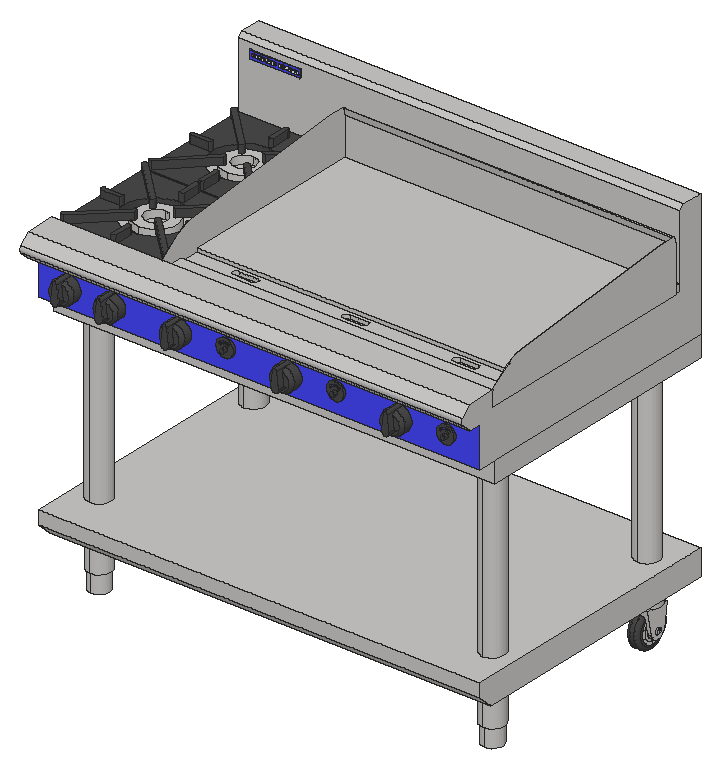
Revit family "QF_MOFFAT_BLUESEAL_CE_G518A-LS", category Specialty Equipment, Revit 2012
Parameters
  Width = 1200 mm
  Weight in Pounds = 347  # constant formula
  URL Cutsheet = "www.moffat.com"
  URL = "www.moffat.com"
  Type Mark [instance] = ""
  Status [instance] = ""
  Specification by User [instance] = ""
  Specification by Manufacturer = ""
  Show Logo [instance] = yes
  Show Casters [instance] = yes
  Serial Number = ""
  Seismic Rating = ""
  SMACNA No = ""
  Revision Code [instance] = ""
  Omniclass Number and Title = ""
  NAFEM Spec ID Number = ""
  Model = "G518A-LS"
  Mechanical Remarks = ""
  Mechanical Connection Type = ""
  Masterspec = ""
  Manufacturer = "MOFFAT BLUESEAL"
  Legs [instance] = not(Show Casters)  # no
  Item Number [instance] = ""
  Installed By [instance] = ""
  Identify Quantity as Lot [instance] = yes
  Gas Size = 3/4"
  Gas RI Height = 0 mm
  Gas KW = 32
  Gas Input = 81500.0 Btu/h
  Gas Connection Height = 0 mm
  Furnished By [instance] = ""
  Foodservice Equipment Identifier [instance] = yes
  Description = "1200MM GAS COOK TOP ON LEG STAND"
  Depth = 812 mm
  CSI MasterFormat = ""
  CSI Master Format = ""
  Base Height [instance] = 150 mm
Reference planes
  plane 1 "BACK": y = 0
  plane 2: z = 0
  plane 3 "LEFT": x = 0
  plane 4 "RIGHT": x = 1200
  plane 5 "FRONT": y = -812
  plane 6 "TOP": z = 970
  plane 7 "Center Y": x = 600
  plane 8 "Center X": y = -406
  plane 9 "Base Height": z = 150
  plane 10: z = 915
  plane 11: x = 1070
  plane 12: z = 1085
  plane 13: x = 65.354
  plane 14: y = -625
  plane 15: y = -100
  plane 16: z = 655
  plane 17: x = 1134.646
Forms (mm)
  Extrusion 1, solid, material "QF_Finishes_Stainless Steel"
    sketch origin (0, 0, 0) x (0, 1, 0) y (0, 0, 1)
      loop
        line (-749, 850) -> (-749, 740) -> (0, 740) -> (0, 1085) -> (-57.5, 1085) -> (-70, 1072.5) -> (-70, 875) -> (-705, 875) -> (-705, 915) -> (-783.97, 915) -> (-808.485, 890.485)
        arc (-808.485, 890.485) -> (-811.999, 882) -> (-808.485, 873.515) r 12
        line (-808.485, 873.515) -> (-784.97, 850) -> (-749, 850)
      loop
        line (0, 685) -> (0, 739.5) -> (-699, 739.5) -> (-699, 685) -> (0, 685)
      loop
        line (0, 222.5) -> (-749, 222.5) -> (-749, 186) -> (-713, 150) -> (0, 150) -> (0, 222.5)
    from 0 to 1200
  Revolve 2, solid, material "QF_Finishes_Black"
    sketch origin (90, 7, 600) x (0, 1, 0) y (0, 0, -1)
      loop
        line (-789, -229.5) -> (-766, -229.5) -> (-766, -202) -> (-756, -202) -> (-756, -197) -> (-800, -197) -> (-800, -223.651) -> (-789, -229.5)
      axis (-800, -197) -> (-756, -197)
    angle from 0 to 360
  Extrusion 3, solid, material "QF_Finishes_Black"
    sketch origin (90, -759, 797) x (0, 0, 1) y (1, 0, 0)
      loop
        arc (32.192, -4.965) -> (37.079, 0.034) -> (32.192, 5.033) r 5
        line (32.192, 5.033) -> (-10.726, 10.453)
        arc (-10.726, 10.453) -> (-22.392, 0.618) -> (-11.893, -10.454) r 10.487
        line (-11.893, -10.454) -> (32.192, -4.965)
    from 0 to -49
  Extrusion 4, solid, material "QF_Finishes_Stainless Steel"
    sketch origin (0, 0, 222.5) x (0, -1, 0) y (1, 0, 0)
      loop
        circle (100, 65) r 31.75
      loop
        circle (625, 65) r 31.75
      loop
        circle (100, 1135) r 31.75
      loop
        circle (625, 1135) r 31.75
    from 0 to 462.5
  Revolve 5, solid, material "QF_Finishes_Stainless Steel", visible <- "Legs"
    sketch origin (65.5, -166, 0) x (0, 1, 0) y (0, 0, 1)
      loop
        line (34.25, 150) -> (34.25, 50) -> (38.5, 50) -> (38.5, 0) -> (66, 0) -> (66, 150) -> (34.25, 150)
      axis (66, 150) -> (66, 0)
    angle from 0 to 360
  Revolve 6, solid, material "QF_Finishes_Stainless Steel"
    sketch origin (65.5, -735, 0) x (0, 1, 0) y (0, 0, 1)
      loop
        line (78.25, 150) -> (78.25, 50) -> (82.5, 50) -> (82.5, 0) -> (110, 0) -> (110, 150) -> (78.25, 150)
      axis (110, 150) -> (110, 0)
    angle from 0 to 360
  Revolve 7, solid, material "QF_Finishes_Stainless Steel", visible <- "Show Casters"
    sketch origin (16.276, -100.755, -12.8) x (1, 0, 0) y (0, 0, 1)
      loop
        line (14.841, 63.604) -> (83.584, 63.604) -> (83.584, 67.109) -> (82.314, 68.379) -> (80.79, 68.379) -> (80.79, 71.826) -> (68.644, 71.826) -> (68.644, 81.79) -> (65.088, 83.843) -> (63.738, 92.179) -> (65.881, 92.179) -> (65.881, 98.529) -> (65.088, 98.529) -> (65.088, 104.879)
        arc (65.088, 104.879) -> (62.298, 111.614) -> (55.563, 114.404) r 9.525
        line (55.563, 114.404) -> (42.863, 114.404)
        arc (42.863, 114.404) -> (36.127, 111.614) -> (33.338, 104.879) r 9.525
        line (33.338, 104.879) -> (33.338, 98.529) -> (32.544, 98.529) -> (32.544, 92.179) -> (34.687, 92.179) -> (33.352, 83.932) -> (29.782, 81.871) -> (29.782, 71.826) -> (17.635, 71.826) -> (17.635, 68.379) -> (16.111, 68.379) -> (14.841, 67.109) -> (14.841, 63.604)
      axis (14.841, 63.604) -> (83.584, 63.604)
    angle from 0 to 360
  Extrusion 8, solid, material "QF_Finishes_Stainless Steel", visible <- "Show Casters"
    sketch origin (72.001, 132.353, -8.783) x (0, 1, 0) y (0, 0, 1)
      loop
        line (-200.603, 118.783) -> (-264.103, 118.783) -> (-251.746, 53.895)
        arc (-251.746, 53.895) -> (-232.353, 38.783) -> (-212.959, 53.895) r 20
        line (-212.959, 53.895) -> (-200.603, 118.783)
    from -35.667 to 22.923
  Revolve 9, solid, material "QF_Finishes_Stainless Steel", visible <- "Show Casters"
    sketch origin (65.5, -204, 0) x (0, 1, 0) y (0, 0, 1)
      loop
        line (68.25, 150) -> (68.25, 110) -> (104, 110) -> (104, 150) -> (68.25, 150)
      axis (104, 150) -> (104, 110)
    angle from 0 to 360
  Revolve 10, solid, material "QF_Finishes_Stainless Steel", visible <- "Legs"
    sketch origin (65.5, -166, 0) x (0, 1, 0) y (0, 0, 1)
      loop
        line (34.25, 150) -> (34.25, 50) -> (38.5, 50) -> (38.5, 0) -> (66, 0) -> (66, 150) -> (34.25, 150)
      axis (66, 150) -> (66, 0)
    angle from 0 to 360
  Extrusion 11, solid, material "QF_Finishes_Stainless Steel"
    sketch origin (0, 0, 685) x (-1, 0, 0) y (0, 1, 0)
      loop
        circle (-1070, -32) r 6.35
    from 0 to 30
  Revolve 12, solid, material "QF_Finishes_Black"
    sketch origin (390, 7, 600) x (0, 1, 0) y (0, 0, -1)
      loop
        line (-789, -229.5) -> (-766, -229.5) -> (-766, -202) -> (-756, -202) -> (-756, -197) -> (-800, -197) -> (-800, -223.651) -> (-789, -229.5)
      axis (-800, -197) -> (-756, -197)
    angle from 0 to 360
  Extrusion 13, solid, material "QF_Finishes_Black"
    sketch origin (390, -759, 797) x (0, 0, 1) y (1, 0, 0)
      loop
        arc (32.192, -4.965) -> (37.079, 0.034) -> (32.192, 5.033) r 5
        line (32.192, 5.033) -> (-10.726, 10.453)
        arc (-10.726, 10.453) -> (-22.392, 0.618) -> (-11.893, -10.454) r 10.487
        line (-11.893, -10.454) -> (32.192, -4.965)
    from 0 to -49
  Revolve 14, solid, material "QF_Finishes_Black"
    sketch origin (690, 7, 600) x (0, 1, 0) y (0, 0, -1)
      loop
        line (-789, -229.5) -> (-766, -229.5) -> (-766, -202) -> (-756, -202) -> (-756, -197) -> (-800, -197) -> (-800, -223.651) -> (-789, -229.5)
      axis (-800, -197) -> (-756, -197)
    angle from 0 to 360
  Extrusion 15, solid, material "QF_Finishes_Black"
    sketch origin (690, -759, 797) x (0, 0, 1) y (1, 0, 0)
      loop
        arc (32.192, -4.965) -> (37.079, 0.034) -> (32.192, 5.033) r 5
        line (32.192, 5.033) -> (-10.726, 10.453)
        arc (-10.726, 10.453) -> (-22.392, 0.618) -> (-11.893, -10.454) r 10.487
        line (-11.893, -10.454) -> (32.192, -4.965)
    from 0 to -49
  Revolve 16, solid, material "QF_Finishes_Black"
    sketch origin (210, 7, 600) x (0, 1, 0) y (0, 0, -1)
      loop
        line (-789, -229.5) -> (-766, -229.5) -> (-766, -202) -> (-756, -202) -> (-756, -197) -> (-800, -197) -> (-800, -223.651) -> (-789, -229.5)
      axis (-800, -197) -> (-756, -197)
    angle from 0 to 360
  Extrusion 17, solid, material "QF_Finishes_Black"
    sketch origin (210, -759, 797) x (0, 0, 1) y (1, 0, 0)
      loop
        arc (32.192, -4.965) -> (37.079, 0.034) -> (32.192, 5.033) r 5
        line (32.192, 5.033) -> (-10.726, 10.453)
        arc (-10.726, 10.453) -> (-22.392, 0.618) -> (-11.893, -10.454) r 10.487
        line (-11.893, -10.454) -> (32.192, -4.965)
    from 0 to -49
  Revolve 18, solid, material "QF_Finishes_Stainless Steel", visible <- "Legs"
    sketch origin (1134.5, -166, 0) x (0, 1, 0) y (0, 0, -1)
      loop
        line (34.25, -150) -> (66, -150) -> (66, 0) -> (38.5, 0) -> (38.5, -50) -> (34.25, -50) -> (34.25, -150)
      axis (66, -150) -> (66, 0)
    angle from 0 to 360
  Revolve 19, solid, material "QF_Finishes_Stainless Steel"
    sketch origin (1134.5, -735, 0) x (0, 1, 0) y (0, 0, -1)
      loop
        line (78.25, -150) -> (110, -150) -> (110, 0) -> (82.5, 0) -> (82.5, -50) -> (78.25, -50) -> (78.25, -150)
      axis (110, -150) -> (110, 0)
    angle from 0 to 360
  Revolve 20, solid, material "QF_Finishes_Stainless Steel", visible <- "Show Casters"
    sketch origin (1183.724, -100.755, -12.8) x (-1, 0, 0) y (0, 0, -1)
      loop
        line (14.841, -63.604) -> (14.841, -67.109) -> (16.111, -68.379) -> (17.635, -68.379) -> (17.635, -71.826) -> (29.782, -71.826) -> (29.782, -81.871) -> (33.352, -83.932) -> (34.687, -92.179) -> (32.544, -92.179) -> (32.544, -98.529) -> (33.338, -98.529) -> (33.338, -104.879)
        arc (33.338, -104.879) -> (36.127, -111.614) -> (42.863, -114.404) r 9.525
        line (42.863, -114.404) -> (55.563, -114.404)
        arc (55.563, -114.404) -> (62.298, -111.614) -> (65.088, -104.879) r 9.525
        line (65.088, -104.879) -> (65.088, -98.529) -> (65.881, -98.529) -> (65.881, -92.179) -> (63.738, -92.179) -> (65.088, -83.843) -> (68.644, -81.79) -> (68.644, -71.826) -> (80.79, -71.826) -> (80.79, -68.379) -> (82.314, -68.379) -> (83.584, -67.109) -> (83.584, -63.604) -> (14.841, -63.604)
      axis (14.841, -63.604) -> (83.584, -63.604)
    angle from 0 to 360
  Extrusion 21, solid, material "QF_Finishes_Stainless Steel", visible <- "Show Casters"
    sketch origin (1127.999, 132.353, -8.783) x (0, 1, 0) y (0, 0, -1)
      loop
        line (-200.603, -118.783) -> (-212.959, -53.895)
        arc (-212.959, -53.895) -> (-232.353, -38.783) -> (-251.746, -53.895) r 20
        line (-251.746, -53.895) -> (-264.103, -118.783) -> (-200.603, -118.783)
    from -35.667 to 22.923
  Revolve 22, solid, material "QF_Finishes_Stainless Steel", visible <- "Show Casters"
    sketch origin (1134.5, -204, 0) x (0, 1, 0) y (0, 0, -1)
      loop
        line (68.25, -150) -> (104, -150) -> (104, -110) -> (68.25, -110) -> (68.25, -150)
      axis (104, -150) -> (104, -110)
    angle from 0 to 360
  Revolve 23, solid, material "QF_Finishes_Stainless Steel", visible <- "Legs"
    sketch origin (1134.5, -166, 0) x (0, 1, 0) y (0, 0, -1)
      loop
        line (34.25, -150) -> (66, -150) -> (66, 0) -> (38.5, 0) -> (38.5, -50) -> (34.25, -50) -> (34.25, -150)
      axis (66, -150) -> (66, 0)
    angle from 0 to 360
  Revolve 24, solid, material "QF_Finishes_Black"
    sketch origin (990, 7, 600) x (0, 1, 0) y (0, 0, -1)
      loop
        line (-789, -229.5) -> (-766, -229.5) -> (-766, -202) -> (-756, -202) -> (-756, -197) -> (-800, -197) -> (-800, -223.651) -> (-789, -229.5)
      axis (-800, -197) -> (-756, -197)
    angle from 0 to 360
  Extrusion 25, solid, material "QF_Finishes_Black"
    sketch origin (990, -759, 797) x (0, 0, 1) y (1, 0, 0)
      loop
        arc (32.192, -4.965) -> (37.079, 0.034) -> (32.192, 5.033) r 5
        line (32.192, 5.033) -> (-10.726, 10.453)
        arc (-10.726, 10.453) -> (-22.392, 0.618) -> (-11.893, -10.454) r 10.487
        line (-11.893, -10.454) -> (32.192, -4.965)
    from 0 to -49
  Extrusion 26, solid, material "QF_Finishes_Black"
    sketch origin (0, -749, 850) x (0, 0, -1) y (1, 0, 0)
      loop
        circle (53, 810) r 23.9
      loop
        circle (53, 510) r 23.9
      loop
        arc (45.641, 518.419) -> (46.501, 523.219) -> (41.701, 524.079) r 3.448
        arc (41.701, 524.079) -> (35.116, 509.341) -> (42.919, 495.209) r 18.095
        arc (42.919, 495.209) -> (47.641, 496.491) -> (46.326, 501.204) r 3.448
        arc (46.326, 501.204) -> (42.758, 509.683) -> (45.641, 518.419) r 13.109
      loop
        arc (45.641, 818.419) -> (46.501, 823.219) -> (41.701, 824.079) r 3.448
        arc (41.701, 824.079) -> (35.116, 809.341) -> (42.919, 795.209) r 18.095
        arc (42.919, 795.209) -> (47.641, 796.491) -> (46.326, 801.204) r 3.448
        arc (46.326, 801.204) -> (42.758, 809.683) -> (45.641, 818.419) r 13.109
      loop
        circle (53, 1110) r 23.9
      loop
        arc (45.641, 1118.419) -> (46.501, 1123.219) -> (41.701, 1124.079) r 3.448
        arc (41.701, 1124.079) -> (35.116, 1109.341) -> (42.919, 1095.209) r 18.095
        arc (42.919, 1095.209) -> (47.641, 1096.491) -> (46.326, 1101.204) r 3.448
        arc (46.326, 1101.204) -> (42.758, 1109.683) -> (45.641, 1118.419) r 13.109
    from 0 to 5
  Extrusion 27, solid, material "QF_Finishes_Black"
    sketch origin (0, -754, 850) x (0, 0, -1) y (1, 0, 0)
      loop
        circle (56.5, 810) r 5.75
      loop
        circle (56.5, 510) r 5.75
      loop
        circle (56.5, 1110) r 5.75
    from 0 to 10
Lines and regions (mm)
  Split face 1
    outline origin (0, -56.5, 1085) x (0, 1, 0) y (-1, 0, 0)
      loop
        line (11.115, -638.041) -> (11.115, -866)
        arc (11.115, -866) -> (16.115, -874.66) -> (26.115, -874.66) r 10
        line (26.115, -874.66) -> (33.115, -870.619)
        arc (33.115, -870.619) -> (36.775, -866.959) -> (38.115, -861.959) r 10
        line (38.115, -861.959) -> (38.115, -634)
        arc (38.115, -634) -> (33.115, -625.34) -> (23.115, -625.34) r 10
        line (23.115, -625.34) -> (16.115, -629.381)
        arc (16.115, -629.381) -> (12.455, -633.041) -> (11.115, -638.041) r 10
  Split face 2
    outline origin (0, -56.5, 1085) x (0, 1, 0) y (-1, 0, 0)
      loop
        line (38.115, -1151.959) -> (38.115, -924)
        arc (38.115, -924) -> (33.115, -915.34) -> (23.115, -915.34) r 10
        line (23.115, -915.34) -> (16.115, -919.381)
        arc (16.115, -919.381) -> (12.455, -923.041) -> (11.115, -928.041) r 10
        line (11.115, -928.041) -> (11.115, -1156)
        arc (11.115, -1156) -> (16.115, -1164.66) -> (26.115, -1164.66) r 10
        line (26.115, -1164.66) -> (33.115, -1160.619)
        arc (33.115, -1160.619) -> (36.775, -1156.959) -> (38.115, -1151.959) r 10
  Split face 3
    outline origin (0, -56.5, 1085) x (0, 1, 0) y (-1, 0, 0)
      loop
        line (11.115, -48.041) -> (11.115, -276)
        arc (11.115, -276) -> (16.115, -284.66) -> (26.115, -284.66) r 10
        line (26.115, -284.66) -> (33.115, -280.619)
        arc (33.115, -280.619) -> (36.775, -276.959) -> (38.115, -271.959) r 10
        line (38.115, -271.959) -> (38.115, -44)
        arc (38.115, -44) -> (33.115, -35.34) -> (23.115, -35.34) r 10
        line (23.115, -35.34) -> (16.115, -39.381)
        arc (16.115, -39.381) -> (12.455, -43.041) -> (11.115, -48.041) r 10
  Split face 4
    outline origin (0, -56.5, 1085) x (0, 1, 0) y (-1, 0, 0)
      loop
        arc (38.115, -344) -> (33.115, -335.34) -> (23.115, -335.34) r 10
        line (23.115, -335.34) -> (16.115, -339.381)
        arc (16.115, -339.381) -> (12.455, -343.041) -> (11.115, -348.041) r 10
        line (11.115, -348.041) -> (11.115, -576)
        arc (11.115, -576) -> (16.115, -584.66) -> (26.115, -584.66) r 10
        line (26.115, -584.66) -> (33.115, -580.619)
        arc (33.115, -580.619) -> (36.775, -576.959) -> (38.115, -571.959) r 10
        line (38.115, -571.959) -> (38.115, -344)
  symbolic lines, style "SpecialityEquipmentHiddenLines", visible <- "Show Casters"
    curve 1: line (78.456, -46.735, 0) -> (105.952, -62.61, 0)
    curve 2: line (27.656, -134.723, 0) -> (78.456, -46.735, 0)
    curve 3: line (55.152, -150.598, 0) -> (27.656, -134.723, 0)
    curve 4: line (105.952, -62.61, 0) -> (55.152, -150.598, 0)
    curve 5: line (1148.456, -46.735, 0) -> (1175.952, -62.61, 0)
    curve 6: line (1097.656, -134.723, 0) -> (1148.456, -46.735, 0)
    curve 7: line (1125.152, -150.598, 0) -> (1097.656, -134.723, 0)
    curve 8: line (1175.952, -62.61, 0) -> (1125.152, -150.598, 0)
  symbolic lines
    curve 9: line (0, -783.97, 0) -> (1200, -783.97, 0)
    curve 10: line (0, 0, 0) -> (0, -811.999, 0)
    curve 11: line (1200, -811.999, 0) -> (1200, 0, 0)
    curve 12: line (1200, -811.999, 0) -> (0, -811.999, 0)
    curve 13: line (0, -70, 0) -> (1200, -70, 0)
    curve 14: line (0, -57.5, 0) -> (1200, -57.5, 0)
    curve 15: line (1200, 0, 0) -> (0, 0, 0)
    curve 16: line (271.959, -18.385, 0) -> (44, -18.385, 0)
    curve 17: arc (44, -18.385, 0) -> (35.34, -23.385, 0) -> (35.34, -33.385, 0) r 10
    curve 18: line (35.34, -33.385, 0) -> (39.381, -40.385, 0)
    curve 19: arc (39.381, -40.385, 0) -> (43.041, -44.045, 0) -> (48.041, -45.385, 0) r 10
    curve 20: line (48.041, -45.385, 0) -> (276, -45.385, 0)
    curve 21: arc (276, -45.385, 0) -> (284.66, -40.385, 0) -> (284.66, -30.385, 0) r 10
    curve 22: line (284.66, -30.385, 0) -> (280.619, -23.385, 0)
    curve 23: arc (280.619, -23.385, 0) -> (276.959, -19.725, 0) -> (271.959, -18.385, 0) r 10
    curve 24: line (0, -705, 0) -> (1200, -705, 0)
    curve 25: line (571.959, -18.385, 0) -> (344, -18.385, 0)
    curve 26: arc (344, -18.385, 0) -> (335.34, -23.385, 0) -> (335.34, -33.385, 0) r 10
    curve 27: line (335.34, -33.385, 0) -> (339.381, -40.385, 0)
    curve 28: arc (339.381, -40.385, 0) -> (343.041, -44.045, 0) -> (348.041, -45.385, 0) r 10
    curve 29: line (348.041, -45.385, 0) -> (576, -45.385, 0)
    curve 30: arc (576, -45.385, 0) -> (584.66, -40.385, 0) -> (584.66, -30.385, 0) r 10
    curve 31: line (584.66, -30.385, 0) -> (580.619, -23.385, 0)
    curve 32: arc (580.619, -23.385, 0) -> (576.959, -19.725, 0) -> (571.959, -18.385, 0) r 10
    curve 33: line (861.959, -18.385, 0) -> (634, -18.385, 0)
    curve 34: arc (634, -18.385, 0) -> (625.34, -23.385, 0) -> (625.34, -33.385, 0) r 10
    curve 35: line (625.34, -33.385, 0) -> (629.381, -40.385, 0)
    curve 36: arc (629.381, -40.385, 0) -> (633.041, -44.045, 0) -> (638.041, -45.385, 0) r 10
    curve 37: line (638.041, -45.385, 0) -> (866, -45.385, 0)
    curve 38: arc (866, -45.385, 0) -> (874.66, -40.385, 0) -> (874.66, -30.385, 0) r 10
    curve 39: line (874.66, -30.385, 0) -> (870.619, -23.385, 0)
    curve 40: arc (870.619, -23.385, 0) -> (866.959, -19.725, 0) -> (861.959, -18.385, 0) r 10
    curve 41: line (924, -18.385, 0) -> (1151.959, -18.385, 0)
    curve 42: arc (1151.959, -18.385, 0) -> (1156.959, -19.725, 0) -> (1160.619, -23.385, 0) r 10
    curve 43: line (1160.619, -23.385, 0) -> (1164.66, -30.385, 0)
    curve 44: arc (1164.66, -30.385, 0) -> (1164.66, -40.385, 0) -> (1156, -45.385, 0) r 10
    curve 45: line (1156, -45.385, 0) -> (928.041, -45.385, 0)
    curve 46: arc (928.041, -45.385, 0) -> (923.041, -44.045, 0) -> (919.381, -40.385, 0) r 10
    curve 47: line (919.381, -40.385, 0) -> (915.34, -33.385, 0)
    curve 48: arc (915.34, -33.385, 0) -> (915.34, -23.385, 0) -> (924, -18.385, 0) r 10
Dimensions and locks
  equal spacing: plane 3 "LEFT", plane 7 "Center Y", plane 4 "RIGHT"
  "Width": plane 3 "LEFT" to plane 4 "RIGHT"
  equal spacing: plane 5 "FRONT", plane 8 "Center X", plane 1 "BACK"
  "Depth": plane 5 "FRONT" to plane 1 "BACK"
  equal spacing: plane 4 "RIGHT", plane 7 "Center Y", plane 3 "LEFT"
  plane 4 "RIGHT" to plane 3 "LEFT" = 1200 mm
  plane 5 "FRONT" to plane 1 "BACK" = 812 mm
  "Base Height": plane 9 "Base Height" to level
  plane 6 "TOP" to level = 970 mm
  plane 10 to level = 915 mm
  plane 11 to plane 4 "RIGHT" = 130 mm
  plane 12 to plane 2 = 1085 mm
  Revolve 7 sketch curve to Revolve 7 sketch curve = 50.8 mm
  plane 15 to plane 14 = 525 mm
  plane 16 to plane 2 = 655 mm
  Extrusion 11 sketch curve to plane 1 "BACK" = 32 mm
  Revolve 20 sketch curve to Revolve 20 sketch curve = 50.8 mm
  aligned and locked: level to plane 2
Automatic sketch dimensions
  curve 10 to plane 3 "LEFT" = 0 mm
  curve 24 to plane 4 "RIGHT" = 0 mm
  plane 1 "BACK" to curve 15 = 0 mm
  plane 3 "LEFT" to curve 3 = 27.656 mm
  plane 13 to curve 18 = 30.014 mm
  curve 17 to curve 19 = 4.041 mm
  curve 17 to curve 17 = 8.66 mm
  curve 18 to curve 20 = 8.66 mm
  plane 13 to curve 3 = 10.202 mm
  curve 1 to plane 13 = 13.102 mm
  plane 1 "BACK" to curve 16 = 18.385 mm
  curve 1 to curve 16 = 166.007 mm
  curve 23 to curve 21 = 4.041 mm
  curve 23 to curve 23 = 8.66 mm
  plane 1 "BACK" to curve 22 = 30.385 mm
  curve 23 to curve 22 = 4.041 mm
  curve 22 to curve 26 = 50.679 mm
  plane 1 "BACK" to curve 27 = 40.385 mm
  curve 27 to curve 27 = 4.041 mm
  curve 26 to curve 26 = 8.66 mm
  curve 26 to curve 28 = 4.041 mm
  curve 32 to plane 7 "Center Y" = 28.041 mm
  curve 32 to curve 29 = 4.041 mm
  curve 32 to curve 31 = 8.66 mm
  curve 32 to curve 30 = 4.041 mm
  plane 7 "Center Y" to curve 35 = 25.34 mm
  curve 35 to curve 35 = 4.041 mm
  curve 34 to curve 34 = 8.66 mm
  curve 35 to curve 37 = 8.66 mm
  plane 1 "BACK" to curve 33 = 18.385 mm
  curve 33 to plane 11 = 208.041 mm
  curve 40 to curve 37 = 4.041 mm
  plane 1 "BACK" to curve 39 = 23.385 mm
  curve 33 to curve 39 = 8.66 mm
  plane 1 "BACK" to curve 39 = 30.385 mm
  curve 40 to curve 39 = 4.041 mm
  curve 38 to curve 48 = 40.679 mm
  plane 1 "BACK" to curve 47 = 40.385 mm
  curve 47 to curve 47 = 4.041 mm
  curve 48 to curve 48 = 8.66 mm
  curve 47 to curve 46 = 8.66 mm
  plane 11 to curve 6 = 27.656 mm
  curve 7 to plane 17 = 9.494 mm
  plane 17 to curve 6 = 13.809 mm
  plane 17 to curve 41 = 17.312 mm
  curve 42 to curve 44 = 4.041 mm
  curve 42 to curve 43 = 8.66 mm
  curve 42 to curve 43 = 4.041 mm
  curve 19 to curve 16 = 22 mm
  plane 1 "BACK" to curve 30 = 45.385 mm
  curve 21 to curve 21 = 15 mm
  plane 1 "BACK" to curve 44 = 45.385 mm
  curve 38 to curve 39 = 15 mm
  curve 2 to curve 19 = 1.35 mm
  curve 5 to curve 45 = 1.35 mm
  curve 14 to plane 15 = 42.5 mm
  curve 8 to curve 14 = 5.11 mm
  curve 4 to curve 1 = 15.875 mm
  curve 13 to curve 14 = 12.5 mm
  plane 14 to curve 24 = 80 mm
  curve 9 to plane 5 "FRONT" = 28.03 mm
  curve 10 to plane 5 "FRONT" = 0.001 mm
  curve 37 to curve 35 = 5 mm
  curve 45 to curve 44 = 10 mm
  curve 29 to curve 30 = 10 mm
  curve 18 to curve 17 = 7 mm
  curve 46 to curve 47 = 7 mm
  curve 28 to curve 26 = 7 mm  (x2)
  curve 36 to curve 35 = 7 mm
  curve 46 to curve 48 = 7 mm
  curve 44 to curve 42 = 7 mm
  curve 30 to curve 32 = 7 mm
  curve 21 to curve 23 = 7 mm
  plane 10 to Extrusion 1 sketch curve = 0 mm
  Extrusion 1 sketch curve to plane 9 "Base Height" = 0 mm
  plane 12 to Extrusion 1 sketch curve = 0 mm
  Extrusion 1 sketch curve to plane 1 "BACK" = 0 mm  (x3)
  Extrusion 1 sketch curve to plane 15 = 42.5 mm
  plane 12 to Extrusion 1 sketch curve = 12.5 mm
  Extrusion 1 sketch curve to Extrusion 1 sketch curve = 12.5 mm
  plane 16 to Extrusion 1 sketch curve = 30 mm
  plane 14 to Extrusion 1 sketch curve = 74 mm
  plane 14 to Extrusion 1 sketch curve = 80 mm
  plane 14 to Extrusion 1 sketch curve = 88 mm
  Extrusion 1 sketch curve to Extrusion 1 sketch curve = 44 mm
  Extrusion 1 sketch curve to Extrusion 1 sketch curve = 36 mm
  Extrusion 1 sketch curve to plane 5 "FRONT" = 28.03 mm
  Extrusion 1 sketch curve to plane 5 "FRONT" = 27.03 mm
  Extrusion 1 sketch curve to plane 5 "FRONT" = 12.001 mm
  Extrusion 1 sketch curve to plane 5 "FRONT" = 3.515 mm  (x2)
  plane 9 "Base Height" to Extrusion 1 sketch curve = 36 mm
  plane 9 "Base Height" to Extrusion 1 sketch curve = 72.5 mm
  Extrusion 1 sketch curve to Extrusion 1 sketch curve = 54.5 mm
  Extrusion 1 sketch curve to Extrusion 1 sketch curve = 0.5 mm
  plane 10 to Extrusion 1 sketch curve = 65 mm
  Extrusion 1 sketch curve to Extrusion 1 sketch curve = 23.515 mm
  plane 10 to Extrusion 1 sketch curve = 40 mm
  Extrusion 1 sketch curve to Extrusion 1 sketch curve = 8.485 mm
  Revolve 2 sketch curve to plane 5 "FRONT" = 19 mm
  Revolve 2 sketch curve to Revolve 2 sketch curve = 0 mm  (x2)
  Revolve 2 sketch curve to Revolve 2 sketch curve = 11 mm
  Revolve 2 sketch curve to Revolve 2 sketch curve = 12.7 mm
  Revolve 2 sketch curve to Revolve 2 sketch curve = 23 mm
  Revolve 2 sketch curve to Revolve 2 sketch curve = 10 mm
  plane 10 to Revolve 2 sketch curve = 85.5 mm
  Revolve 2 sketch curve to Revolve 2 sketch curve = 5.849 mm
  Revolve 2 sketch curve to Revolve 2 sketch curve = 27.5 mm
  Revolve 2 sketch curve to Revolve 2 sketch curve = 5 mm
  Extrusion 3 sketch curve to Revolve 2 = 0.034 mm  (x2)
  Revolve 2 to Extrusion 3 sketch curve = 10.454 mm
  Extrusion 3 sketch curve to Extrusion 3 sketch curve = 0.028 mm
  Extrusion 3 sketch curve to Revolve 2 = 10.453 mm
  Extrusion 3 sketch curve to Extrusion 3 sketch curve = 44 mm
  Extrusion 3 sketch curve to Revolve 2 = 5.033 mm
  Extrusion 3 sketch curve to Extrusion 3 sketch curve = 0.113 mm
  Revolve 2 to Extrusion 3 sketch curve = 4.965 mm
  Extrusion 4 sketch curve to Extrusion 4 sketch curve = 0 mm  (x8)
  Extrusion 1 to Extrusion 4 sketch curve = 68.25 mm  (x2)
  Extrusion 4 sketch curve to Extrusion 4 sketch curve = 31.75 mm  (x4)
  Extrusion 4 sketch curve to Extrusion 1 = 155.75 mm  (x2)
  Extrusion 1 to Extrusion 4 sketch curve = 65 mm  (x4)
  Revolve 5 sketch curve to plane 9 "Base Height" = 0 mm
  Revolve 5 sketch curve to level = 0 mm
  Revolve 5 sketch curve to plane 15 = 0 mm  (x2)
  plane 15 to Revolve 5 sketch curve = 27.5 mm
  plane 15 to Revolve 5 sketch curve = 31.75 mm
  Revolve 5 sketch curve to Revolve 5 sketch curve = 55 mm
  level to Revolve 5 sketch curve = 50 mm
  Revolve 5 sketch curve to Revolve 5 sketch curve = 0 mm
  Revolve 6 sketch curve to plane 9 "Base Height" = 0 mm
  Revolve 6 sketch curve to level = 0 mm
  Revolve 6 sketch curve to plane 14 = 0 mm  (x2)
  Revolve 6 sketch curve to Revolve 6 sketch curve = 27.5 mm
  Revolve 6 sketch curve to Revolve 6 sketch curve = 31.75 mm
  Revolve 6 sketch curve to Revolve 6 sketch curve = 55 mm
  level to Revolve 6 sketch curve = 50 mm
  Revolve 6 sketch curve to Revolve 6 sketch curve = 0 mm
  plane 3 "LEFT" to Revolve 7 sketch curve = 31.118 mm
  Revolve 7 sketch curve to Revolve 7 sketch curve = 1.27 mm  (x4)
  Revolve 7 sketch curve to Revolve 7 sketch curve = 1.524 mm  (x2)
  Revolve 7 sketch curve to Revolve 7 sketch curve = 12.146 mm  (x2)
  plane 13 to Revolve 7 sketch curve = 16.533 mm
  Revolve 7 sketch curve to Revolve 7 sketch curve = 0.794 mm  (x2)
  Revolve 7 sketch curve to Revolve 7 sketch curve = 3.57 mm
  Revolve 7 sketch curve to Revolve 7 sketch curve = 2.143 mm
  plane 13 to Revolve 7 sketch curve = 6.215 mm
  Revolve 7 sketch curve to plane 13 = 5.276 mm
  Revolve 7 sketch curve to plane 13 = 6.485 mm
  Revolve 7 sketch curve to plane 13 = 14.661 mm
  Revolve 7 sketch curve to Revolve 7 sketch curve = 1.349 mm  (x2)
  Revolve 7 sketch curve to Revolve 7 sketch curve = 3.556 mm
  Revolve 7 sketch curve to Revolve 7 sketch curve = 33.32 mm
  level to Revolve 7 sketch curve = 50.804 mm
  Revolve 7 sketch curve to Revolve 7 sketch curve = 0 mm
  Revolve 7 sketch curve to Revolve 7 sketch curve = 3.505 mm  (x2)
  Revolve 7 sketch curve to Revolve 7 sketch curve = 3.447 mm  (x2)
  Revolve 7 sketch curve to Revolve 7 sketch curve = 9.964 mm
  Revolve 7 sketch curve to Revolve 7 sketch curve = 10.045 mm
  Revolve 7 sketch curve to Revolve 7 sketch curve = 2.053 mm
  Revolve 7 sketch curve to Revolve 7 sketch curve = 2.061 mm
  Revolve 7 sketch curve to Revolve 7 sketch curve = 8.247 mm
  Revolve 7 sketch curve to Revolve 7 sketch curve = 8.336 mm
  Revolve 7 sketch curve to Revolve 7 sketch curve = 6.35 mm  (x2)
  Extrusion 8 sketch curve to plane 15 = 0 mm
  plane 15 to Extrusion 8 sketch curve = 19.393 mm
  plane 15 to Extrusion 8 sketch curve = 31.75 mm
  Extrusion 8 sketch curve to plane 15 = 19.393 mm
  Extrusion 8 sketch curve to plane 15 = 31.75 mm
  level to Extrusion 8 sketch curve = 45.111 mm
  Extrusion 8 sketch curve to Extrusion 8 sketch curve = 4.889 mm
  Extrusion 8 sketch curve to plane 9 "Base Height" = 40 mm
  Revolve 9 sketch curve to plane 9 "Base Height" = 0 mm
  Revolve 9 sketch curve to plane 15 = 0 mm  (x2)
  plane 15 to Revolve 9 sketch curve = 35.75 mm
  Revolve 9 sketch curve to Revolve 9 sketch curve = 40 mm
  level to Revolve 9 sketch curve = 50 mm
  Revolve 9 sketch curve to level = 55 mm
  Revolve 10 sketch curve to plane 9 "Base Height" = 0 mm
  Revolve 10 sketch curve to level = 0 mm
  Revolve 10 sketch curve to plane 15 = 0 mm  (x2)
  plane 15 to Revolve 10 sketch curve = 27.5 mm
  plane 15 to Revolve 10 sketch curve = 31.75 mm
  Revolve 10 sketch curve to Revolve 10 sketch curve = 55 mm
  level to Revolve 10 sketch curve = 50 mm
  Revolve 10 sketch curve to Revolve 10 sketch curve = 0 mm
  Extrusion 11 sketch curve to Extrusion 11 sketch curve = 0 mm
  Extrusion 11 sketch curve to Extrusion 1 = 38.35 mm
  Extrusion 11 sketch curve to Extrusion 1 = 130 mm
  Split face 1 sketch curve to Extrusion 1 = 12.115 mm
  Split face 1 sketch curve to Split face 1 sketch curve = 5 mm  (x3)
  Split face 1 sketch curve to Split face 1 sketch curve = 10 mm  (x2)
  Split face 1 sketch curve to Split face 1 sketch curve = 7 mm  (x4)
  Split face 1 sketch curve to Extrusion 1 = 325.34 mm
  Split face 1 sketch curve to Split face 1 sketch curve = 4.041 mm  (x2)
  Split face 1 sketch curve to Split face 1 sketch curve = 223.917 mm
  Split face 2 sketch curve to Extrusion 1 = 12.115 mm
  Split face 2 sketch curve to Split face 2 sketch curve = 5 mm  (x3)
  Split face 2 sketch curve to Split face 2 sketch curve = 10 mm  (x2)
  Split face 2 sketch curve to Split face 2 sketch curve = 7 mm  (x4)
  Split face 2 sketch curve to Extrusion 1 = 35.34 mm
  Split face 2 sketch curve to Split face 2 sketch curve = 4.041 mm  (x2)
  Split face 2 sketch curve to Split face 2 sketch curve = 223.917 mm
  Split face 3 sketch curve to Extrusion 1 = 12.115 mm
  Split face 3 sketch curve to Split face 3 sketch curve = 5 mm  (x3)
  Split face 3 sketch curve to Split face 3 sketch curve = 10 mm  (x2)
  Split face 3 sketch curve to Split face 3 sketch curve = 7 mm  (x4)
  Split face 3 sketch curve to Extrusion 1 = 284.66 mm
  Split face 3 sketch curve to Split face 3 sketch curve = 4.041 mm  (x2)
  Split face 3 sketch curve to Extrusion 1 = 48.041 mm
  Revolve 12 sketch curve to plane 5 "FRONT" = 19 mm
  Revolve 12 sketch curve to Revolve 12 sketch curve = 0 mm  (x2)
  Revolve 12 sketch curve to Revolve 12 sketch curve = 11 mm
  Revolve 12 sketch curve to Revolve 12 sketch curve = 12.7 mm
  Revolve 12 sketch curve to Revolve 12 sketch curve = 23 mm
  Revolve 12 sketch curve to Revolve 12 sketch curve = 10 mm
  plane 10 to Revolve 12 sketch curve = 85.5 mm
  Revolve 12 sketch curve to Revolve 12 sketch curve = 5.849 mm
  Revolve 12 sketch curve to Revolve 12 sketch curve = 27.5 mm
  Revolve 12 sketch curve to Revolve 12 sketch curve = 5 mm
  Extrusion 13 sketch curve to Revolve 12 = 0.034 mm  (x2)
  Revolve 12 to Extrusion 13 sketch curve = 10.454 mm
  Extrusion 13 sketch curve to Extrusion 13 sketch curve = 0.028 mm
  Extrusion 13 sketch curve to Revolve 12 = 10.453 mm
  Extrusion 13 sketch curve to Extrusion 13 sketch curve = 44 mm
  Extrusion 13 sketch curve to Revolve 12 = 5.033 mm
  Extrusion 13 sketch curve to Extrusion 13 sketch curve = 0.113 mm
  Revolve 12 to Extrusion 13 sketch curve = 4.965 mm
  Revolve 14 sketch curve to plane 5 "FRONT" = 19 mm
  Revolve 14 sketch curve to Revolve 14 sketch curve = 0 mm  (x2)
  Revolve 14 sketch curve to Revolve 14 sketch curve = 11 mm
  Revolve 14 sketch curve to Revolve 14 sketch curve = 12.7 mm
  Revolve 14 sketch curve to Revolve 14 sketch curve = 23 mm
  Revolve 14 sketch curve to Revolve 14 sketch curve = 10 mm
  plane 10 to Revolve 14 sketch curve = 85.5 mm
  Revolve 14 sketch curve to Revolve 14 sketch curve = 5.849 mm
  Revolve 14 sketch curve to Revolve 14 sketch curve = 27.5 mm
  Revolve 14 sketch curve to Revolve 14 sketch curve = 5 mm
  Extrusion 15 sketch curve to Revolve 14 = 0.034 mm  (x2)
  Revolve 14 to Extrusion 15 sketch curve = 10.454 mm
  Extrusion 15 sketch curve to Extrusion 15 sketch curve = 0.028 mm
  Extrusion 15 sketch curve to Revolve 14 = 10.453 mm
  Extrusion 15 sketch curve to Extrusion 15 sketch curve = 44 mm
  Extrusion 15 sketch curve to Revolve 14 = 5.033 mm
  Extrusion 15 sketch curve to Extrusion 15 sketch curve = 0.113 mm
  Revolve 14 to Extrusion 15 sketch curve = 4.965 mm
  Revolve 16 sketch curve to plane 5 "FRONT" = 19 mm
  Revolve 16 sketch curve to Revolve 16 sketch curve = 0 mm  (x2)
  Revolve 16 sketch curve to Revolve 16 sketch curve = 11 mm
  Revolve 16 sketch curve to Revolve 16 sketch curve = 12.7 mm
  Revolve 16 sketch curve to Revolve 16 sketch curve = 23 mm
  Revolve 16 sketch curve to Revolve 16 sketch curve = 10 mm
  plane 10 to Revolve 16 sketch curve = 85.5 mm
  Revolve 16 sketch curve to Revolve 16 sketch curve = 5.849 mm
  Revolve 16 sketch curve to Revolve 16 sketch curve = 27.5 mm
  Revolve 16 sketch curve to Revolve 16 sketch curve = 5 mm
  Extrusion 17 sketch curve to Revolve 16 = 0.034 mm  (x2)
  Revolve 16 to Extrusion 17 sketch curve = 10.454 mm
  Extrusion 17 sketch curve to Extrusion 17 sketch curve = 0.028 mm
  Extrusion 17 sketch curve to Revolve 16 = 10.453 mm
  Extrusion 17 sketch curve to Extrusion 17 sketch curve = 44 mm
  Extrusion 17 sketch curve to Revolve 16 = 5.033 mm
  Extrusion 17 sketch curve to Extrusion 17 sketch curve = 0.113 mm
  Revolve 16 to Extrusion 17 sketch curve = 4.965 mm
  Revolve 18 sketch curve to plane 9 "Base Height" = 0 mm
  Revolve 18 sketch curve to level = 0 mm
  Revolve 18 sketch curve to plane 15 = 0 mm  (x2)
  plane 15 to Revolve 18 sketch curve = 27.5 mm
  plane 15 to Revolve 18 sketch curve = 31.75 mm
  level to Revolve 18 sketch curve = 50 mm
  Revolve 18 sketch curve to Revolve 18 sketch curve = 0 mm
  Revolve 18 sketch curve to Revolve 18 sketch curve = 55 mm
  Revolve 19 sketch curve to plane 9 "Base Height" = 0 mm
  Revolve 19 sketch curve to level = 0 mm
  Revolve 19 sketch curve to plane 14 = 0 mm  (x2)
  Revolve 19 sketch curve to Revolve 19 sketch curve = 27.5 mm
  Revolve 19 sketch curve to Revolve 19 sketch curve = 31.75 mm
  level to Revolve 19 sketch curve = 50 mm
  Revolve 19 sketch curve to Revolve 19 sketch curve = 0 mm
  Revolve 19 sketch curve to Revolve 19 sketch curve = 55 mm
  plane 4 "RIGHT" to Revolve 20 sketch curve = 31.118 mm
  Revolve 20 sketch curve to Revolve 20 sketch curve = 1.27 mm  (x4)
  Revolve 20 sketch curve to Revolve 20 sketch curve = 1.524 mm  (x2)
  Revolve 20 sketch curve to Revolve 20 sketch curve = 12.146 mm  (x2)
  plane 17 to Revolve 20 sketch curve = 16.533 mm
  Revolve 20 sketch curve to Revolve 20 sketch curve = 0.794 mm  (x2)
  Revolve 20 sketch curve to Revolve 20 sketch curve = 3.57 mm
  Revolve 20 sketch curve to Revolve 20 sketch curve = 2.143 mm
  plane 17 to Revolve 20 sketch curve = 6.215 mm
  Revolve 20 sketch curve to plane 17 = 5.276 mm
  Revolve 20 sketch curve to plane 17 = 6.485 mm
  Revolve 20 sketch curve to plane 17 = 14.661 mm
  Revolve 20 sketch curve to Revolve 20 sketch curve = 1.349 mm  (x2)
  Revolve 20 sketch curve to Revolve 20 sketch curve = 3.556 mm
  Revolve 20 sketch curve to plane 11 = 3.18 mm
  Revolve 20 sketch curve to plane 9 "Base Height" = 48.396 mm
  Revolve 20 sketch curve to Revolve 20 sketch curve = 6.35 mm  (x4)
  Revolve 20 sketch curve to Revolve 20 sketch curve = 8.247 mm
  Revolve 20 sketch curve to Revolve 20 sketch curve = 8.336 mm
  Revolve 20 sketch curve to Revolve 20 sketch curve = 2.061 mm
  Revolve 20 sketch curve to Revolve 20 sketch curve = 2.053 mm
  Revolve 20 sketch curve to Revolve 20 sketch curve = 10.045 mm
  Revolve 20 sketch curve to Revolve 20 sketch curve = 9.964 mm
  Revolve 20 sketch curve to Revolve 20 sketch curve = 3.447 mm  (x2)
  Revolve 20 sketch curve to Revolve 20 sketch curve = 3.505 mm
  Extrusion 21 sketch curve to plane 15 = 0 mm
  plane 15 to Extrusion 21 sketch curve = 19.393 mm
  plane 15 to Extrusion 21 sketch curve = 31.75 mm
  Extrusion 21 sketch curve to plane 15 = 19.393 mm
  Extrusion 21 sketch curve to plane 15 = 31.75 mm
  Extrusion 21 sketch curve to plane 9 "Base Height" = 40 mm
  level to Extrusion 21 sketch curve = 50 mm
  Extrusion 21 sketch curve to Extrusion 21 sketch curve = 4.889 mm
  Revolve 22 sketch curve to plane 9 "Base Height" = 0 mm
  Revolve 22 sketch curve to plane 15 = 0 mm  (x2)
  plane 15 to Revolve 22 sketch curve = 35.75 mm
  Revolve 22 sketch curve to Revolve 22 sketch curve = 40 mm
  level to Revolve 22 sketch curve = 50 mm
  Revolve 22 sketch curve to level = 55 mm
  Revolve 23 sketch curve to plane 9 "Base Height" = 0 mm
  Revolve 23 sketch curve to level = 0 mm
  Revolve 23 sketch curve to plane 15 = 0 mm  (x2)
  plane 15 to Revolve 23 sketch curve = 27.5 mm
  plane 15 to Revolve 23 sketch curve = 31.75 mm
  level to Revolve 23 sketch curve = 50 mm
  Revolve 23 sketch curve to Revolve 23 sketch curve = 0 mm
  Revolve 23 sketch curve to Revolve 23 sketch curve = 55 mm
  Split face 4 sketch curve to Extrusion 1 = 12.115 mm
  Split face 4 sketch curve to Split face 4 sketch curve = 5 mm  (x4)
  Split face 4 sketch curve to Split face 4 sketch curve = 10 mm
  Split face 4 sketch curve to Split face 4 sketch curve = 7 mm  (x4)
  Split face 4 sketch curve to Extrusion 1 = 584.66 mm
  Split face 4 sketch curve to Split face 4 sketch curve = 4.041 mm  (x2)
  Split face 4 sketch curve to Split face 4 sketch curve = 223.917 mm
  Revolve 24 sketch curve to plane 5 "FRONT" = 19 mm
  Revolve 24 sketch curve to Revolve 24 sketch curve = 0 mm  (x2)
  Revolve 24 sketch curve to Revolve 24 sketch curve = 11 mm
  Revolve 24 sketch curve to Revolve 24 sketch curve = 12.7 mm
  Revolve 24 sketch curve to Revolve 24 sketch curve = 23 mm
  Revolve 24 sketch curve to Revolve 24 sketch curve = 10 mm
  plane 10 to Revolve 24 sketch curve = 85.5 mm
  Revolve 24 sketch curve to Revolve 24 sketch curve = 5.849 mm
  Revolve 24 sketch curve to Revolve 24 sketch curve = 27.5 mm
  Revolve 24 sketch curve to Revolve 24 sketch curve = 5 mm
  Extrusion 25 sketch curve to Revolve 24 = 0.034 mm  (x2)
  Revolve 24 to Extrusion 25 sketch curve = 10.454 mm
  Extrusion 25 sketch curve to Extrusion 25 sketch curve = 0.028 mm
  Extrusion 25 sketch curve to Revolve 24 = 10.453 mm
  Extrusion 25 sketch curve to Extrusion 25 sketch curve = 44 mm
  Extrusion 25 sketch curve to Revolve 24 = 5.033 mm
  Extrusion 25 sketch curve to Extrusion 25 sketch curve = 0.113 mm
  Revolve 24 to Extrusion 25 sketch curve = 4.965 mm
  plane 10 to Extrusion 26 sketch curve = 106.701 mm  (x3)
  Extrusion 26 sketch curve to plane 17 = 10.567 mm
  Extrusion 26 sketch curve to Extrusion 26 sketch curve = 1.218 mm  (x3)
  Extrusion 26 sketch curve to Extrusion 26 sketch curve = 1.97 mm  (x6)
  Extrusion 26 sketch curve to Extrusion 26 sketch curve = 1.724 mm  (x3)
  Extrusion 26 sketch curve to Extrusion 26 sketch curve = 1.683 mm  (x3)
  Extrusion 26 sketch curve to Extrusion 26 sketch curve = 6.674 mm  (x3)
  Extrusion 26 sketch curve to Extrusion 26 sketch curve = 0.195 mm  (x3)
  Extrusion 26 sketch curve to Extrusion 26 sketch curve = 2.662 mm  (x3)
  Extrusion 26 sketch curve to Extrusion 26 sketch curve = 2.83 mm  (x3)
  Extrusion 26 sketch curve to Extrusion 26 sketch curve = 8.215 mm  (x3)
  Extrusion 26 sketch curve to Extrusion 26 sketch curve = 0.102 mm  (x3)
  Extrusion 26 sketch curve to Extrusion 26 sketch curve = 0.103 mm  (x3)
  plane 7 "Center Y" to Extrusion 26 sketch curve = 224.079 mm
  Extrusion 26 sketch curve to plane 7 "Center Y" = 75.921 mm
  Extrusion 27 sketch curve to Extrusion 27 sketch curve = 0 mm  (x2)
  Extrusion 27 sketch curve to Extrusion 27 sketch curve = 300 mm  (x2)
  radius of Extrusion 26 sketch curve = 23.9 mm  (x3)
  radius of Extrusion 27 sketch curve = 5.75 mm  (x3)
Nested families
  nested 1: "WALDORF LOGO_FACE BASE" at (32, -70, 1057.475) x (1, 0, 0) z (0, -1, 0), visible <- "Show Logo", type "WALDORF LOGO_FACE BASE", detail levels medium+fine
    with Show Logo yes
  nested 2: "GAS BURNER 300 & GRIDDLE 900" at (0, -70, 875.195), type "GAS BURNER 300 & GRIDDLE 900"
    with Width 1200 mm, Type Mark "", Status "", Specification by User "", Revision Code "", Item Number "", Installed By "", Identify Quantity as Lot yes, Furnished By "", Foodservice Equipment Identifier yes, Depth 635 mm
Connectors
  piping at (1070, -32, 655)
    settings: on Extrusion 11, index 1, connector radius 0.37402", flow factor 0, pipe flow 0 GPM, pressure drop 0.00 psi, fitting loss kfactor 0, connector angle 0.00°, fixture units 0, engagement length 0 mm, flow configuration 1, flow direction 1, fitting loss method 0, system type 7, joint type 0, gender type 0, connector reference index -1, connector utility 0, adjustable connector no, is connector primary yes, fitting loss table "", connector description "GAS CONNECTION"
Definition of nested family "WALDORF LOGO_FACE BASE"
  Parameters (values of type "WALDORF LOGO_FACE BASE")
    Show Logo [instance] = yes
    Default Elevation = 1219.2 mm
  Reference planes
    plane 1 "Center (Front/Back)": y = 0
    plane 2: z = 0
    plane 3 "Center (Left/Right)": x = 0
  Forms (mm)
    Extrusion 1, solid
      sketch origin (0, 0, 0) x (1, 0, 0) y (0, 1, 0)
        loop
          line (-1219.2, 1219.2) -> (-1219.2, -1219.2) -> (1219.2, -1219.2) -> (1219.2, 1219.2) -> (-1219.2, 1219.2)
      from 0 to -304.8
    Extrusion 2, solid, material "QF_Finishes_Blue", visible <- "Show Logo"
      sketch origin (0, -33.217, 0) x (1, 0, 0) y (0, 1, 0)
        loop
          arc (138, 31.942) -> (137.626, 32.844) -> (136.724, 33.217) r 1.276
          line (136.724, 33.217) -> (1.29, 33.217)
          arc (1.29, 33.217) -> (0.378, 32.839) -> (0, 31.927) r 1.29
          line (0, 31.927) -> (0, 11.507)
          arc (0, 11.507) -> (0.378, 10.595) -> (1.29, 10.217) r 1.29
          line (1.29, 10.217) -> (136.71, 10.217)
          arc (136.71, 10.217) -> (137.622, 10.595) -> (138, 11.507) r 1.29
          line (138, 11.507) -> (138, 31.942)
      from 0 to 1.588
    Extrusion 3, solid, material "QF_Finishes_White", visible <- "Show Logo"
      sketch origin (0, -33.217, 1.588) x (1, 0, 0) y (0, 1, 0)
        loop
          arc (108.946, 25.919) -> (107.613, 25.367) -> (107.061, 24.034) r 1.885
          line (107.061, 24.034) -> (107.061, 17.211) -> (112.704, 17.211) -> (112.704, 19.129) -> (115.546, 19.129) -> (115.546, 17.211) -> (121.584, 17.211) -> (121.584, 24.075)
          arc (121.584, 24.075) -> (121.043, 25.379) -> (119.739, 25.919) r 1.845
          line (119.739, 25.919) -> (108.946, 25.919)
        loop
          line (123.478, 25.919) -> (123.478, 17.163) -> (134.904, 17.163) -> (134.904, 19.129) -> (129.246, 19.129) -> (129.246, 25.919) -> (123.478, 25.919)
        loop
          line (112.704, 21.258) -> (115.546, 21.258) -> (115.546, 22.702)
          arc (115.546, 22.702) -> (115.344, 23.188) -> (114.858, 23.389) r 0.687
          line (114.858, 23.389) -> (113.363, 23.389)
          arc (113.363, 23.389) -> (112.897, 23.196) -> (112.704, 22.73) r 0.658
          line (112.704, 22.73) -> (112.704, 21.258)
        loop
          line (105.071, 25.919) -> (93.771, 25.919) -> (93.771, 17.163) -> (105.071, 17.163) -> (105.071, 19.063) -> (99.535, 19.063) -> (99.535, 20.437) -> (105.071, 20.437) -> (105.071, 22.278) -> (99.535, 22.278) -> (99.535, 23.587) -> (105.071, 23.587) -> (105.071, 25.919)
        loop
          line (91.104, 25.919) -> (79.541, 25.919)
          arc (79.541, 25.919) -> (78.558, 25.513) -> (78.152, 24.53) r 1.389
          line (78.152, 24.53) -> (78.152, 22.08)
          arc (78.152, 22.08) -> (78.558, 21.098) -> (79.541, 20.691) r 1.389
          line (79.541, 20.691) -> (86.346, 20.691) -> (86.346, 18.864) -> (83.266, 18.864) -> (83.266, 19.664) -> (78.152, 19.664) -> (78.152, 18.553)
          arc (78.152, 18.553) -> (78.558, 17.57) -> (79.541, 17.163) r 1.389
          line (79.541, 17.163) -> (91.063, 17.163)
          arc (91.063, 17.163) -> (92.045, 17.57) -> (92.452, 18.553) r 1.389
          line (92.452, 18.553) -> (92.452, 20.691)
          arc (92.452, 20.691) -> (92.045, 21.673) -> (91.063, 22.08) r 1.389
          line (91.063, 22.08) -> (83.266, 22.08) -> (83.266, 23.984) -> (86.346, 23.984) -> (86.346, 22.743) -> (92.452, 22.743) -> (92.452, 24.571)
          arc (92.452, 24.571) -> (92.057, 25.524) -> (91.104, 25.919) r 1.348
        loop
          line (70.705, 25.919) -> (59.405, 25.919) -> (59.405, 17.163) -> (70.705, 17.163) -> (70.705, 19.063) -> (65.169, 19.063) -> (65.169, 20.437) -> (70.705, 20.437) -> (70.705, 22.278) -> (65.169, 22.278) -> (65.169, 23.587) -> (70.705, 23.587) -> (70.705, 25.919)
        loop
          line (57.598, 25.919) -> (51.7, 25.919) -> (51.7, 20.18)
          arc (51.7, 20.18) -> (50.63, 19.11) -> (49.56, 20.18) r 1.07
          line (49.56, 20.18) -> (49.56, 25.919) -> (43.663, 25.919) -> (43.663, 19.049)
          arc (43.663, 19.049) -> (44.215, 17.716) -> (45.548, 17.163) r 1.885
          line (45.548, 17.163) -> (55.71, 17.163)
          arc (55.71, 17.163) -> (57.045, 17.716) -> (57.598, 19.051) r 1.887
          line (57.598, 19.051) -> (57.598, 25.919)
        loop
          line (31.62, 25.919) -> (31.62, 17.163) -> (43.046, 17.163) -> (43.046, 19.129) -> (37.388, 19.129) -> (37.388, 25.919) -> (31.62, 25.919)
        loop
          line (15.969, 25.919) -> (15.969, 17.163) -> (28.693, 17.163)
          arc (28.693, 17.163) -> (29.812, 17.627) -> (30.276, 18.746) r 1.582
          line (30.276, 18.746) -> (30.276, 20.447) -> (29.48, 21.243) -> (30.276, 22.039) -> (30.276, 24.332)
          arc (30.276, 24.332) -> (29.811, 25.454) -> (28.688, 25.919) r 1.587
          line (28.688, 25.919) -> (15.969, 25.919)
        loop
          line (21.449, 24.159) -> (21.449, 22.436) -> (23.862, 22.436)
          arc (23.862, 22.436) -> (24.723, 23.298) -> (23.862, 24.159) r 0.861
          line (23.862, 24.159) -> (21.449, 24.159)
        loop
          line (21.449, 20.244) -> (21.449, 18.522) -> (23.862, 18.522)
          arc (23.862, 18.522) -> (24.723, 19.383) -> (23.862, 20.244) r 0.861
          line (23.862, 20.244) -> (21.449, 20.244)
      from 0 to 0.2
    Extrusion 4, solid, material "QF_Finishes_Blue", visible <- "Show Logo"
      sketch origin (-126.498, -31.09, 1.588) x (1, 0, 0) y (0, 1, 0)
        loop
          line (136.738, 23.522) -> (136.738, 15.1)
          arc (136.738, 15.1) -> (140.756, 19.311) -> (136.738, 23.522) r 4.216
      from 0 to 0.2
    Extrusion 5, solid, material "QF_Finishes_Red", visible <- "Show Logo"
      sketch origin (146.849, -31.09, 1.588) x (-1, 0, 0) y (0, -1, 0)
        loop
          arc (136.738, -23.522) -> (140.756, -19.311) -> (136.738, -15.1) r 4.216
          line (136.738, -15.1) -> (136.738, -23.522)
      from 0 to 0.2
  Lines and regions (mm)
    Split face 1
      outline origin (-90.35, -30.793, 1.588) x (1, 0, 0) y (0, 1, 0)
        loop
          circle (100.54, 19.013) r 4.536
  Dimensions and locks
    aligned and locked: plane 2 to Extrusion 1
    aligned and locked: level to Extrusion 1
Definition of nested family "GAS BURNER 300 & GRIDDLE 900"
  Parameters (values of type "GAS BURNER 300 & GRIDDLE 900")
    Width [instance] = 1200 mm
    Weight in Pounds = 0
    URL Cutsheet = ""
    Type Mark [instance] = ""
    Status [instance] = ""
    Specification by User [instance] = ""
    Specification by Manufacturer = ""
    Serial Number = ""
    Seismic Rating = ""
    SMACNA No = ""
    Revision Code [instance] = ""
    Omniclass Number and Title = ""
    NAFEM Spec ID Number = ""
    Masterspec = ""
    Item Number [instance] = ""
    Installed By [instance] = ""
    Identify Quantity as Lot [instance] = yes
    Furnished By [instance] = ""
    Foodservice Equipment Identifier [instance] = yes
    Depth [instance] = 635 mm
    CSI MasterFormat = ""
    CSI Master Format = ""
  Reference planes
    plane 1 "BACK": y = 0
    plane 2: z = 0
    plane 3 "LEFT": x = 0
    plane 4 "RIGHT": x = 1200
    plane 5 "FRONT": y = -635
    plane 6 "TOP": z = 142.5
    plane 7 "Center Y": x = 600
    plane 8 "Center X": y = -317.5
  Dimensions and locks
    equal spacing: plane 3 "LEFT", plane 7 "Center Y", plane 4 "RIGHT"
    "Width": plane 3 "LEFT" to plane 4 "RIGHT"
    equal spacing: plane 5 "FRONT", plane 8 "Center X", plane 1 "BACK"
    "Depth": plane 5 "FRONT" to plane 1 "BACK"
    aligned and locked: level to plane 2
  Nested families
    nested 1: "GAS BURNER 300 & GRIDDLE 600" at (-1, 0, 0), type "GAS BURNER 300 & GRIDDLE 600"
      with Width 300 mm, Type Mark "", Status "", Specification by User "", Revision Code "", Item Number "", Installed By "", Identify Quantity as Lot yes, Furnished By "", Foodservice Equipment Identifier yes, Depth 635 mm
    nested 2: "GAS GRIDDLE PLATE 900" at (300, -15, 0), type "GAS GRIDDLE PLATE 900"
      with Width 900 mm, Type Mark "", Status "", Specification by User "", Revision Code "", Item Number "", Installed By "", Identify Quantity as Lot yes, Furnished By "", Foodservice Equipment Identifier yes, Depth 620 mm
  Definition of nested family "GAS BURNER 300 & GRIDDLE 600"
    Parameters (values of type "GAS BURNER 300 & GRIDDLE 600")
      Width [instance] = 300 mm
      Weight in Pounds = 0
      URL Cutsheet = ""
      Type Mark [instance] = ""
      Status [instance] = ""
      Specification by User [instance] = ""
      Specification by Manufacturer = ""
      Serial Number = ""
      Seismic Rating = ""
      SMACNA No = ""
      Revision Code [instance] = ""
      Omniclass Number and Title = ""
      NAFEM Spec ID Number = ""
      Masterspec = ""
      Item Number [instance] = ""
      Installed By [instance] = ""
      Identify Quantity as Lot [instance] = yes
      Furnished By [instance] = ""
      Foodservice Equipment Identifier [instance] = yes
      Depth [instance] = 635 mm
      CSI MasterFormat = ""
      CSI Master Format = ""
    Reference planes
      plane 1 "BACK": y = 0
      plane 2: z = 0
      plane 3 "LEFT": x = 0
      plane 4 "RIGHT": x = 300
      plane 5 "FRONT": y = -635
      plane 6 "TOP": z = 142.5
      plane 7 "Center Y": x = 150
      plane 8 "Center X": y = -317.5
    Forms (mm)
      Extrusion 1, solid, material "QF_Finishes_Black"
        sketch origin (0, 0, 0) x (0, -1, 0) y (1, 0, 0)
          loop
            line (318.5, 4) -> (318.5, 296)
            arc (318.5, 296) -> (317.621, 298.121) -> (315.5, 299) r 3
            line (315.5, 299) -> (3, 299)
            arc (3, 299) -> (0.879, 298.121) -> (0, 296) r 3
            line (0, 296) -> (0, 4)
            arc (0, 4) -> (0.879, 1.879) -> (3, 1) r 3
            line (3, 1) -> (315.5, 1)
            arc (315.5, 1) -> (317.621, 1.879) -> (318.5, 4) r 3
          loop
            line (324.5, 1) -> (632, 1)
            arc (632, 1) -> (634.121, 1.879) -> (635, 4) r 3
            line (635, 4) -> (635, 296)
            arc (635, 296) -> (634.121, 298.121) -> (632, 299) r 3
            line (632, 299) -> (324.5, 299)
            arc (324.5, 299) -> (322.379, 298.121) -> (321.5, 296) r 3
            line (321.5, 296) -> (321.5, 4)
            arc (321.5, 4) -> (322.379, 1.879) -> (324.5, 1) r 3
          loop
            circle (168.5, 149.991) r 84.082
          loop
            circle (468.5, 149.991) r 84.082
        from 0 to 19.5
      Extrusion 2, solid, material "QF_Finishes_Black"
        sketch origin (0, 0, 19.5) x (0, -1, 0) y (1, 0, 0)
          loop
            spline (326.102, 15.153) -> (325.181, 13.924) -> (324.631, 12.47) -> (324.49, 10.89) -> (324.767, 9.292) -> (325.443, 7.786) -> (326.473, 6.473) -> (327.786, 5.443) -> (329.292, 4.767) -> (330.89, 4.49) -> (332.47, 4.631) -> (333.924, 5.181) -> (335.153, 6.102)
            line (335.153, 6.102) -> (443.076, 114.025)
            spline (443.076, 114.025) -> (443.837, 115.095) -> (444.238, 116.399) -> (444.251, 117.851) -> (443.875, 119.35) -> (443.137, 120.795) -> (442.086, 122.086) -> (440.795, 123.137) -> (439.35, 123.875) -> (437.851, 124.251) -> (436.399, 124.238) -> (435.095, 123.837) -> (434.025, 123.076)
            line (434.025, 123.076) -> (326.102, 15.153)
          loop
            spline (328.898, 156.4) -> (327.604, 156.182) -> (326.398, 155.543) -> (325.362, 154.525) -> (324.568, 153.2) -> (324.068, 151.656) -> (323.898, 150) -> (324.068, 148.344) -> (324.568, 146.8) -> (325.362, 145.475) -> (326.398, 144.457) -> (327.604, 143.818) -> (328.898, 143.6)
            line (328.898, 143.6) -> (378.102, 143.6)
            spline (378.102, 143.6) -> (379.396, 143.818) -> (380.602, 144.457) -> (381.638, 145.475) -> (382.432, 146.8) -> (382.932, 148.344) -> (383.102, 150) -> (382.932, 151.656) -> (382.432, 153.2) -> (381.638, 154.525) -> (380.602, 155.543) -> (379.396, 156.182) -> (378.102, 156.4)
            line (378.102, 156.4) -> (328.898, 156.4)
          loop
            spline (335.153, 293.898) -> (334.084, 294.659) -> (332.779, 295.059) -> (331.328, 295.072) -> (329.829, 294.697) -> (328.384, 293.959) -> (327.092, 292.908) -> (326.041, 291.616) -> (325.303, 290.171) -> (324.928, 288.672) -> (324.941, 287.221) -> (325.341, 285.916) -> (326.102, 284.847)
            line (326.102, 284.847) -> (434.025, 176.924)
            spline (434.025, 176.924) -> (435.095, 176.163) -> (436.399, 175.762) -> (437.851, 175.749) -> (439.35, 176.125) -> (440.795, 176.863) -> (442.086, 177.914) -> (443.137, 179.205) -> (443.875, 180.65) -> (444.251, 182.149) -> (444.238, 183.601) -> (443.837, 184.905) -> (443.076, 185.975)
            line (443.076, 185.975) -> (335.153, 293.898)
          loop
            line (463.6, 291.102) -> (463.6, 241.898)
            spline (463.6, 241.898) -> (463.818, 240.604) -> (464.457, 239.398) -> (465.475, 238.362) -> (466.8, 237.568) -> (468.344, 237.068) -> (470, 236.898) -> (471.656, 237.068) -> (473.2, 237.568) -> (474.525, 238.362) -> (475.543, 239.398) -> (476.182, 240.604) -> (476.4, 241.898)
            line (476.4, 241.898) -> (476.4, 291.102)
            spline (476.4, 291.102) -> (476.182, 292.396) -> (475.543, 293.602) -> (474.525, 294.638) -> (473.2, 295.432) -> (471.656, 295.932) -> (470, 296.102) -> (468.344, 295.932) -> (466.8, 295.432) -> (465.475, 294.638) -> (464.457, 293.602) -> (463.818, 292.396) -> (463.6, 291.102)
          loop
            spline (612.398, 284.847) -> (613.159, 285.916) -> (613.559, 287.221) -> (613.572, 288.672) -> (613.197, 290.171) -> (612.459, 291.616) -> (611.408, 292.908) -> (610.116, 293.959) -> (608.671, 294.697) -> (607.172, 295.072) -> (605.721, 295.059) -> (604.416, 294.659) -> (603.347, 293.898)
            line (603.347, 293.898) -> (496.924, 185.975)
            spline (496.924, 185.975) -> (496.163, 184.905) -> (495.762, 183.601) -> (495.749, 182.149) -> (496.125, 180.65) -> (496.863, 179.205) -> (497.914, 177.914) -> (499.205, 176.863) -> (500.65, 176.125) -> (502.149, 175.749) -> (503.601, 175.762) -> (504.905, 176.163) -> (505.975, 176.924)
            line (505.975, 176.924) -> (612.398, 284.847)
